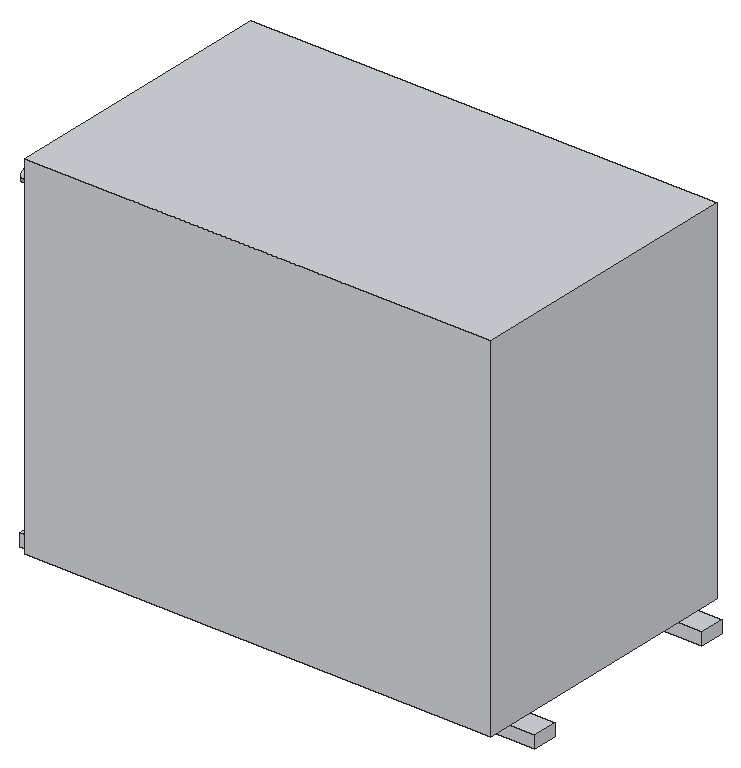
Revit family "Condicionador de Ar - Sistema Split - Serpentina Modular", category Equipamento mecânico, Revit 2019
Family settings
  Cota do conector redondo = Usar raio
  Tipo de parte = Normal
  ID de item do Seek = AHU Coil - Refrigerant - Indoor-0000-USA-ENU
  Com base no plano de trabalho = Não
  Sempre na vertical = Sim
  Corte com vazios quando carregada = Não
  Compartilhado = Não
  Ponto de cálculo do ambiente = Não
Parameters (values of type "Padrão")
  Voltagem = 0 V
  Número de pólos = 1
  Altura de conexão DX de saída = Altura da unidade - 50 mm  # 680 mm
  Altura de conexão DX de entrada = Altura base + 50 mm  # 75.725 mm
  Classificação de carga = Refrigeração
  Raio da drenagem = 11 mm
  Diâmetro da drenagem = Raio da drenagem * 2  # 22 mm
  Largura da unidade = 580 mm
  Capacidade de refrigeração = 0 Btu/h
  Material base = none
  Altura base = 25.725 mm
  Carga aparente = 0 VA
  Fluxo de ar [instance] = 2833.2 m³/h
  Deslocamento DX = Raio DX + 25 mm  # 37.5 mm
  Altura da unidade = 730 mm
  Comprimento da unidade = 960 mm
  Fluxo da drenagem [instance] = 0.0 L/s
  Material da serpentina = none
  Raio DX = 12.5 mm
  Fluxo DX [instance] = 1.0 L/s
  Diâmetro DX = Raio DX * 2  # 25 mm
  Queda de pressão do ar [instance] = 0.0 Pa
Reference planes
  plane 1 "Parte frontal": y = 0
  plane 2 "Inferior": z = 0
  plane 3 "Centro (direita/esquerda)": x = 0
  plane 4 "Esquerda": x = -480
  plane 5 "Direita": x = 480
  plane 6: y = 290
  plane 7 "Parte posterior": y = 580
  plane 8: y = 100.4
  plane 9: y = 25.4
  plane 10: y = 62.9
  plane 11 "Superior": z = 755.725
  plane 12: z = 217.862
  plane 13: x = 455
  plane 14: x = -455
  plane 15: x = -480
  plane 16: x = -530
  plane 17: z = 75.725
  plane 18: z = 680
  plane 19: z = 390.725
  plane 20 "Base": z = 25.725
  plane 21 "Dreno d": z = 36.725
  plane 22 "Topo da descarga": z = 702.725
  plane 23 "Parte inferior da descarga": z = 22.725
  plane 24: y = 50
  plane 25: y = 100
  plane 26: y = 530
  plane 27: y = 480
  plane 28: x = 530
  plane 29 "Topo da elétrica": z = 415.725
  plane 30 "Parte inferior da elétrica": z = 365.725
  plane 31 "Esquerda da elétrica": y = 307.5
  plane 32 "Direita da elétrica": y = 272.5
  plane 33 "Centro (Frente/Trás)": y = 290
Forms (mm)
  Extrusion 1, solid, material <- "Material da serpentina"
    sketch origin (0, 0, 0) x (1, 0, 0) y (0, 0, 1)
      loop
        line (-480, 755.725) -> (-480, 25.725) -> (480, 25.725) -> (480, 755.725) -> (-480, 755.725)
    from -580 to 0
  Extrusion 2, solid, material <- "Material da serpentina"
    sketch origin (0, 0, -15) x (0, 1, 0) y (0, 0, 1)
      loop
        circle (290, 51.725) r 11
    from -530 to -480
  Extrusion 3, solid, material <- "Material da serpentina"
    sketch origin (0, 0, 0) x (0, 1, 0) y (0, 0, 1)
      loop
        circle (62.9, 680) r 12.5
      loop
        circle (100.4, 75.725) r 12.5
    from -530 to -480
  Extrusion 4, solid, material <- "Material base"
    sketch origin (0, 0, 0) x (1, 0, 0) y (0, 1, 0)
      loop
        line (-530, 530) -> (-530, 480) -> (530, 480) -> (530, 530) -> (-530, 530)
    from 0 to 25.725
  Extrusion 5, solid, material <- "Material base"
    sketch origin (250, -194.812, 0) x (1, 0, 0) y (0, 1, 0)
      loop
        line (-780, 294.812) -> (-780, 244.812) -> (280, 244.812) -> (280, 294.812) -> (-780, 294.812)
    from 0 to 25.725
  Extrusion 6, solid, material <- "Material da serpentina"
    sketch origin (-480, 0, 0) x (0, 1, 0) y (0, 0, 1)
      loop
        line (307.5, 415.725) -> (272.5, 415.725) -> (272.5, 365.725) -> (307.5, 365.725) -> (307.5, 415.725)
    from 0 to -5
Cuts and joins
  joined: Extrusion 1, Extrusion 2, Extrusion 3
Dimensions and locks
  equal spacing: plane 4 "Esquerda", plane 3 "Centro (direita/esquerda)", plane 5 "Direita"
  "Comprimento da unidade": plane 4 "Esquerda" to plane 5 "Direita"
  locked: plane 1 "Parte frontal" to plane 9 at 25.4
  "Deslocamento DX": plane 10 to plane 9
  equal spacing: plane 14, plane 3 "Centro (direita/esquerda)", plane 13
  locked: plane 14 to plane 13 at 910
  plane 4 "Esquerda" to plane 16 = 50 mm
  "Altura de conexão DX de entrada": plane 17 to plane 2 "Inferior"
  "Altura de conexão DX de saída": plane 18 to plane 2 "Inferior"
  plane 19 to plane 12 = 172.862 mm
  equal spacing: plane 11 "Superior", plane 19, plane 20 "Base"
  "Deslocamento DX": plane 10 to plane 8
  "Largura da unidade": plane 1 "Parte frontal" to plane 7 "Parte posterior"
  equal spacing: plane 7 "Parte posterior", plane 6, plane 1 "Parte frontal"
  "Altura base": plane 20 "Base" to plane 2 "Inferior"
  "Raio da drenagem": plane 20 "Base" to plane 21 "Dreno d"
  "Altura da unidade": plane 11 "Superior" to plane 20 "Base"
  plane 11 "Superior" to plane 18 = 75.725 mm
  locked: plane 22 "Topo da descarga" to plane 23 "Parte inferior da descarga" at 680
  plane 11 "Superior" to plane 22 "Topo da descarga" = 53 mm
  locked: plane 25 to plane 24 at 50
  locked: plane 1 "Parte frontal" to plane 24 at 50
  locked: plane 27 to plane 26 at 50
  locked: plane 7 "Parte posterior" to plane 26 at 50
  locked: plane 5 "Direita" to plane 28 at 50
  equal spacing: plane 31 "Esquerda da elétrica", plane 6, plane 32 "Direita da elétrica"
  plane 31 "Esquerda da elétrica" to plane 32 "Direita da elétrica" = 35 mm
  equal spacing: plane 29 "Topo da elétrica", plane 19, plane 30 "Parte inferior da elétrica"
  plane 29 "Topo da elétrica" to plane 30 "Parte inferior da elétrica" = 50 mm
  equal spacing: plane 7 "Parte posterior", plane 33 "Centro (Frente/Trás)", plane 1 "Parte frontal"
  "Raio da drenagem": radius of Extrusion 2 sketch curve
  "Raio DX": radius of Extrusion 3 sketch curve  (x2)
  aligned and locked: plane 4 "Esquerda" to Extrusion 1 sketch curve
  aligned and locked: Extrusion 1 sketch curve to plane 11 "Superior"
  aligned and locked: Extrusion 1 sketch curve to plane 5 "Direita"
  aligned and locked: plane 6 to Extrusion 2 sketch curve
  aligned and locked: plane 4 "Esquerda" to Extrusion 2
  aligned and locked: plane 17 to Extrusion 3 sketch curve
  aligned and locked: plane 18 to Extrusion 3 sketch curve
  aligned and locked: Extrusion 3 to plane 16
  aligned and locked: plane 15 to Extrusion 3
  aligned and locked: plane 15 to plane 4 "Esquerda"
  aligned and locked: cut or joined group of Extrusion 1, Extrusion 2, Extrusion 3 to plane 20 "Base"
  aligned and locked: plane 21 "Dreno d" to Extrusion 2 sketch curve
  aligned and locked: plane 28 to Extrusion 4
  aligned and locked: Extrusion 4 to plane 16
  aligned and locked: Extrusion 4 to plane 26
  aligned and locked: Extrusion 4 to plane 27
  aligned and locked: Extrusion 4 to plane 2 "Inferior"
  aligned and locked: plane 20 "Base" to Extrusion 4
  aligned and locked: Extrusion 5 to plane 25
  aligned and locked: Extrusion 5 to plane 24
  aligned and locked: Extrusion 5 to plane 28
  aligned and locked: Extrusion 5 to plane 16
  aligned and locked: plane 20 "Base" to Extrusion 5
  aligned and locked: Extrusion 5 to plane 2 "Inferior"
  aligned and locked: plane 2 "Inferior" to Extrusion 4
  aligned and locked: Extrusion 4 to plane 20 "Base"
  aligned and locked: cut or joined group of Extrusion 1, Extrusion 2, Extrusion 3 to plane 15
  aligned and locked: cut or joined group of Extrusion 1, Extrusion 2, Extrusion 3 to plane 16
  aligned and locked: plane 8 to Extrusion 3 sketch curve
  aligned and locked: plane 10 to Extrusion 3 sketch curve
  aligned and locked: plane 31 "Esquerda da elétrica" to Extrusion 6 sketch curve
  aligned and locked: Extrusion 6 sketch curve to plane 32 "Direita da elétrica"
  aligned and locked: plane 30 "Parte inferior da elétrica" to Extrusion 6 sketch curve
  aligned and locked: cut or joined group of Extrusion 1, Extrusion 2, Extrusion 3 to plane 7 "Parte posterior"
  aligned and locked: Extrusion 1 to plane 1 "Parte frontal"
Automatic sketch dimensions
  Extrusion 1 sketch curve to plane 20 "Base" = 0 mm
  Extrusion 4 sketch curve to plane 27 = 0 mm
  Extrusion 4 sketch curve to plane 28 = 0 mm
  Extrusion 4 sketch curve to plane 26 = 0 mm
  Extrusion 5 sketch curve to plane 28 = 0 mm
  Extrusion 5 sketch curve to plane 6 = 240 mm
  plane 27 to Extrusion 5 sketch curve = 380 mm
  Extrusion 4 sketch curve to plane 16 = 0 mm
  Extrusion 5 sketch curve to plane 16 = 0 mm
  Extrusion 6 sketch curve to plane 29 "Topo da elétrica" = 0 mm
Connectors
  piping at (-530, 62.9, 680), diameter 25, driven by "Fluxo DX", driven by "Raio DX"
    settings: on cut or joined group of Extrusion 1, Extrusion 2, Extrusion 3, index 3, connector inside diameter 25 mm, connector length 0 mm, flow factor 0, pipe flow 1.0 L/s, pressure drop 0.0 Pa, fitting loss kfactor 0, connector angle 0.00°, fixture units 0, engagement length 0 mm, angle of deflection 0.00°, flow configuration 1, flow direction 2, fitting loss method 0, system type 22, joint type 0, gender type 0, connector reference index 4, connector utility 0, adjustable connector no, is connector primary yes, connector description "Saída do refrigerante"
  piping at (-530, 100.4, 75.725), diameter 25, driven by "Raio DX", driven by "Fluxo DX"
    settings: on cut or joined group of Extrusion 1, Extrusion 2, Extrusion 3, index 4, connector inside diameter 25 mm, connector length 0 mm, flow factor 0, pipe flow 1.0 L/s, pressure drop 0.0 Pa, fitting loss kfactor 0, connector angle 0.00°, fixture units 0, engagement length 0 mm, angle of deflection 0.00°, flow configuration 1, flow direction 1, fitting loss method 0, system type 22, joint type 0, gender type 0, connector reference index 3, connector utility 0, adjustable connector no, is connector primary no, connector description "Entrada do refrigerante"
  piping at (-530, 290, 36.725), diameter 22, driven by "Raio da drenagem", driven by "Fluxo da drenagem"
    settings: on cut or joined group of Extrusion 1, Extrusion 2, Extrusion 3, index 5, connector inside diameter 22 mm, connector length 0 mm, flow factor 0, pipe flow 0.0 L/s, pressure drop 0.0 Pa, fitting loss kfactor 0, connector angle 0.00°, fixture units 0, engagement length 0 mm, angle of deflection 0.00°, flow configuration 1, flow direction 2, fitting loss method 0, system type 16, joint type 0, gender type 0, connector reference index -1, connector utility 0, adjustable connector yes, is connector primary no, connector description "Saída da drenagem"
  electrical at (-485, 290, 390.725), driven by "Número de pólos", driven by "Classificação de carga", driven by "Voltagem", driven by "Carga aparente"
    settings: on Extrusion 6, index 11, voltage 0 V, apparent load 0 VA, apparent load phase1 0 VA, apparent load phase2 0 VA, apparent load phase3 0 VA, power factor 0.8, load classification "Refrigeração", number of poles 1, system type 30, power factor state 1, is connector primary yes, connector utility no, sub classification motor no, connector description "Potência"
Types in the file's own list only (11): name | Número de pólos | Altura de conexão DX de saída | Altura de conexão DX de entrada | Largura da unidade | Capacidade de refrigeração | Altura base | Deslocamento DX | Altura da unidade | Comprimento da unidade | Raio DX
  60000 Btu/h | 1 | 680 mm | 76 mm | 580 mm | 60000 Btu/h | 26 mm | 38 mm | 730 mm | 960 mm | 13 mm
  90000 Btu/h | 1 | 820 mm | 76 mm | 740 mm | 90000 Btu/h | 26 mm | 38 mm | 870 mm | 1120 mm | 13 mm
  120000 Btu/h | 2 | 820 mm | 76 mm | 740 mm | 120000 Btu/h | 26 mm | 38 mm | 870 mm | 1430 mm | 13 mm
  150000 Btu/h | 2 | 1120 mm | 76 mm | 740 mm | 150000 Btu/h | 26 mm | 38 mm | 1170 mm | 1500 mm | 13 mm
  180000 Btu/h | 2 | 1120 mm | 76 mm | 740 mm | 180000 Btu/h | 26 mm | 38 mm | 1170 mm | 1500 mm | 13 mm
  240000 Btu/h | 2 | 1120 mm | 76 mm | 740 mm | 240000 Btu/h | 26 mm | 38 mm | 1170 mm | 2000 mm | 13 mm
  300000 Btu/h | 2 | 1120 mm | 76 mm | 930 mm | 300000 Btu/h | 26 mm | 38 mm | 1170 mm | 2400 mm | 13 mm
  360000 Btu/h | 2 | 1120 mm | 76 mm | 930 mm | 360000 Btu/h | 26 mm | 38 mm | 1170 mm | 2770 mm | 13 mm
  420000 Btu/h | 2 | 1320 mm | 76 mm | 930 mm | 420000 Btu/h | 26 mm | 38 mm | 1370 mm | 2770 mm | 13 mm
  480000 Btu/h | 2 | 1520 mm | 76 mm | 930 mm | 480000 Btu/h | 26 mm | 38 mm | 1570 mm | 2770 mm | 13 mm
  600000 Btu/h | 2 | 1700 mm | 76 mm | 930 mm | 600000 Btu/h | 26 mm | 38 mm | 1750 mm | 2770 mm | 13 mm
